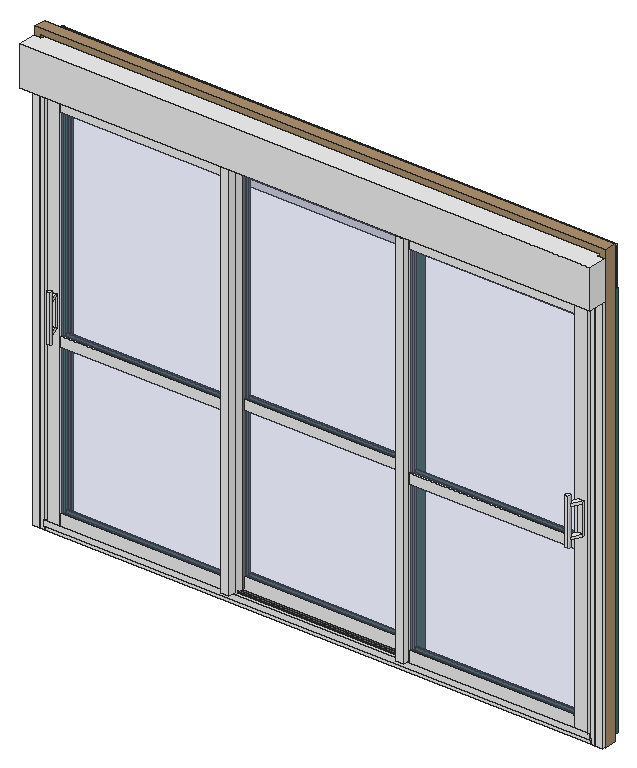
Revit family "K-LINE COULISSANT RENO-applique-KLBC2R-3V - Bloc Baie", category Fenêtres, Revit 2017
Family settings
  Hôte = Mur
  Numéro OmniClass = 23.30.20.00
  Titre OmniClass = Windows
  Toujours verticalement = Oui
  Couper avec des vides une fois chargée = Non
  Partagée = Non
  Point de calcul de pièce = Non
Parameters
  Youtube clip = ""
  Vitrage principal = ""
  Vitrage = Verre
  Visibilité des lames [instance] = yes
  Uniformat II Description = "Exterior Windows"
  Uniformat II Code = "B2020"
  Uniclass 2015 Name = "Doors and windows"
  Uniclass 2015 Code = "EF_25_30"
  Uniclass 2.0 Description = "Windows"
  Uniclass 2.0 Code = "PR-59-97"
  Uniclass 1.4 Description = "Windows"
  Uniclass 1.4 Code = "L413"
  URL = "https://pro.k-line.fr/baie-coulissante-2-rails.html"
  UNSPSC Code = "301716"
  Type porte fenêtre = Hauteur de fabrication > 1600.00 mm  # yes
  Type fenêtre = not(Type porte fenêtre)  # no
  Type de pose = "Pose en applique"
  Transmission thermique Uw = 1.4000 W/(m²·K)
  Transmission lumineuse TLw = "68%"
  Technical description = "http://www.pro.k-line.fr/baie-coulissante-2-rails.aspx"
  Symbole d'ouverture = yes
  Surface = Largeur * Hauteur  # 6.44315 m²
  SAV = "https://sav.k-line.fr/"
  QR code = "http://bimobject.com/k-line/product/KLBC2R-3VTX"
  Product url = "http://www.pro.k-line.fr/baie-coulissante-2-rails.aspx"
  Product group = "KL-BC2R"
  Product family = "Coulissants"
  Product data url = "https://www.bimobject.com/k-line/product/klbc2r-3vt-bbvr"
  Product certification = "http://www.pro.k-line.fr/baie-coulissante-2-rails-performances-certifications.aspx#produits"
  Product SKU = "KLBC2R-3VTX"
  Product Guid = "99e3d50a-99d2-419d-9c61-a74b00b3e5ee"
  Position traverse inter = Position du dessus de traverse - 64.00 mm  # 836.00 mm
  Position du dessus de traverse = 900.00 mm
  Position de l'ouvrant [instance] = if(Coulissant ouvert, Largeur de fabrication / 3 - 65.20 mm, 42.00 mm)  # 42.00 mm
  Outil de thermo-luminosité = "https://pro.k-line.fr/le-calculateur-de-performances-thermiques-thermo-luminositer.html"
  Origine France Garantie = "https://pro.k-line.fr/pdf/attestations/Attestation_definitive_OFG_K-LINE.pdf"
  Option habillage extérieur = yes
  Option appui sans aile intérieure = yes
  OmniClass Description = "Windows"
  OmniClass Code = "23-17 13 00"
  Occultation Thermobloc SPPF = yes
  Occultation Thermobloc Petit = yes
  Occultation Thermobloc Grand = not(Occultation Thermobloc Petit)  # no
  Occultation Classic BUBENDORFF = not(Occultation Thermobloc SPPF)  # no
  Occultation = if(Occultation Thermobloc SPPF, "Thermobloc SPPF", "Classic BUBENDORFF")  # "Thermobloc SPPF"
  Numéro de série = "K.........."
  Note d'identification = "08520"
  Nombre de traverses intermédiaires = 1.00 mm
  Neuf / Réno / Multi support = "Réno"
  NBS Reference Description = "Windows"
  NBS Reference Code = "59-97"
  Mortaise et grille d'entrée d'air = "Non"
  Modèle = "KL-BC2R-3V"
  Message Hors abaques [instance] = yes
  Matériaux = "Aluminium et verre"
  Masterformat 2014 Description = "Aluminum Windows"
  Masterformat 2014 Code = "08 51 13"
  Manufacturer name = "K.LINE"
  Manufacturer country = "France"
  Lg cadre = Largeur de fabrication - 8.60 mm  # 2791.40 mm
  Largeur ouvrant ext = (Largeur de fabrication - 199.00 mm) / 3 + 50.00 mm  # 917.00 mm
  Largeur ouvrant = (Largeur de fabrication - 199.00 mm) / 3 + 72.50 mm  # 939.50 mm
  Largeur de store = Largeur de fabrication - 30.20 mm  # 2769.80 mm
  Largeur de fabrication = Largeur - Joint en montants * 2  # 2800.00 mm
  Rough Width [instance] = Largeur  # 2870.00 mm
  Joint traverse basse = if(Option appui sans aile intérieure, 5.00 mm, Joint en traverses - 5.00 mm)  # 5.00 mm
  Joint en traverses = [Cadre existant - Largeur] + 10.00 mm  # 40.00 mm
  Joint en montants = [Cadre existant - Largeur] + 5.00 mm  # 35.00 mm
  Installation instructions = "https://pro.k-line.fr/notices-de-pose.html"
  IFC Classification = "Window"
  Ht coffre = if(Occultation Classic BUBENDORFF, 200.00 mm, (if(Occultation Thermobloc Grand, 225.00 mm, 195.00 mm)))  # 195.00 mm
  Hors abaques Porte Fenetre [instance] = or(or(1500.00 mm > Largeur de fabrication, Largeur de fabrication > 3000.00 mm), or(1601.00 mm > Hauteur de fabrication, Hauteur de fabrication > 2500.00 mm), and(Hauteur de fabrication > 2000.00 mm, Largeur de fabrication < 1600.00 mm), and(Hauteur de fabrication > 2100.00 mm, Largeur de fabrication < 1700.00 mm), and(Hauteur de fabrication > 2200.00 mm, Largeur de fabrication < 1800.00 mm), and(Hauteur de fabrication > 2350.00 mm, Largeur de fabrication > 3900.00 mm))  # no
  Hors abaques Fenetre [instance] = or(or(1200.00 mm > Largeur de fabrication, Largeur de fabrication > 3000.00 mm), or(500.00 mm > Hauteur de fabrication, Hauteur de fabrication > 1600.00 mm))  # yes
  Hors abaques [instance] = and(if(Type fenêtre, Hors abaques Fenetre, Hors abaques Porte Fenetre), Message Hors abaques)  # no
  Hauteur ouvrant = Hauteur dormant - 75.00 mm  # 1930.00 mm
  Hauteur dormant = Hauteur de fabrication - Ht coffre  # 2005.00 mm
  Hauteur de store = Hauteur dormant - 10.80 mm  # 1994.20 mm
  Hauteur de fabrication = Hauteur - Joint en traverses - Joint traverse basse  # 2200.00 mm
  Rough Height [instance] = Hauteur  # 2245.00 mm
  Hauteur = 2245.00 mm
  Hauteur de l'appui par défaut = 0.00 mm
  Garanties = "https://www.pro.k-line.fr/pdf/Attestations-Avis_technique/Responsabilite_fabricant/Garanties_Legales_KLINE.pdf"
  Fermeture du mur = Par hôte
  Largeur = 2870.00 mm
  Famille de produit = "COULISSANT"
  Facteur solaire ScW (Hiver) = 0.55
  Fabricant = "K.LINE"
  Entretien = "https://www.pro.k-line.fr/pdf/Fiches_Entretien/Entretien_Menuiserie.pdf"
  Entreprise de pose = ""
  EAN code = ""
  Décalage intérieur du nu fini [instance] = 35.00 mm
  Description = "Fenêtre et porte fenêtre coulissante alu 2 rails"
  Coulissant ouvert [instance] = no
  Couleur lames de volet = BUBENDORFF - 100 (RAL 9016)
  Couleur châssis Int = K.Line Intemporel Blanc satiné (9016 S) - KQ
  Couleur châssis Ext = K.Line Couleur Vert foncé (6005 T) - RS
  Couleur Accessoire Int = K.Line Accessoire Blanc - KQ
  Contraintes de Largeur = if(Type fenêtre, "1200 < Largeur < 3000", "1500 < Largeur < 3000")  # "1500 < Largeur < 3000"
  Contraintes de Hauteur = if(Type fenêtre, "500 < Hauteur < 1600", "1601 < Hauteur < 2400")  # "1601 < Hauteur < 2400"
  Construction analytique = "<Aucun>"
  Composition analytique de base = "Châssis 2350x2180 - Vitrage 4/WE Argon 20/TBE 4"
  Code d'assemblage = "B2020110"
  Classement AEV = "A*4 E*6B V*A3"
  Classe COV = "A+"
  Clair passage total = Largeur de fabrication / 3 - 116.00 mm  # 817.333 mm
  Cadre existant - Visibilité = yes
  Cadre existant - Profondeur = 60.00 mm
  Cadre existant - Largeur = 30.00 mm
  COBIe Type Category = ""
  Brand url = "http://www.k-line.fr/index.aspx"
  BIMobject main category code = "windows"
  BIMobject main category = "Windows"
  BIMobject category code = "windows-slide"
  BIMobject category = "Opening Slide"
  Avis technique = "https://pro.k-line.fr/attestations-avis-techniques.html"
  Aile de recouvrement intérieure 20, 38, 60 ou 76 = 38.00 mm
  Affaiblissement acoustique R(A,tr) = "30dB"
Reference planes
  plane 1 "Centre (avant/arrière)": y = 0
  plane 2 "Centre (gauche/droite)": x = 0
  plane 3 "Gauche": x = -1435
  plane 4 "Droite": x = 1435
  plane 5 "Appui": z = 0
  plane 6 "Tête": z = 2245
  plane 7 "Extérieur": y = 150
  plane 8 "Intérieur": y = -150
  plane 9: y = -185
  plane 10: x = 1358
  plane 11: y = -350
  plane 12: x = -1400
  plane 13: x = 1400
  plane 14: z = 5
  plane 15: z = 44
  plane 16: z = 2010
  plane 17: y = -168.25
  plane 18: x = -1358
Forms (mm)
  Extrusion 1, void
    sketch origin (0, 0, 0) x (1, 0, 0) y (0, 1, 0)
      loop
        line (-1435, 150) -> (-1435, -150) -> (1435, -150) -> (1435, 150) -> (-1435, 150)
    from 0 to 2245
Text (mm)
  text "EXTERIEUR" at (-1963.203, 1332.353, 0), in view "Niveau de réf."
  text "INTERIEUR" at (-1981.466, -818.386, 0), in view "Niveau de réf."
  text "Extérieur" at (0, 923.751, 2943.296), in view "Droite"
  text "Extérieur" at (0, 1040.484, 2685.409), in view "Gauche"
Dimensions and locks
  equal spacing: plane 3 "Gauche", plane 2 "Centre (gauche/droite)", plane 4 "Droite"
  "Largeur": plane 3 "Gauche" to plane 4 "Droite"
  "Hauteur": plane 5 "Appui" to plane 6 "Tête"
  "Hauteur de l'appui par défaut": plane 5 "Appui" to level
  locked: plane 7 "Extérieur" to host wall at 0
  locked: plane 8 "Intérieur" to host wall
  locked: plane 11 to plane 8 "Intérieur" at 200
  "Décalage intérieur du nu fini": plane 8 "Intérieur" to plane 9
  "Joint en montants": plane 3 "Gauche" to plane 12
  "Joint en montants": plane 4 "Droite" to plane 13
  "Joint traverse basse": plane 14 to plane 5 "Appui"
  locked: plane 15 to plane 14 at 39
  "Hauteur dormant": plane 16 to plane 14
  locked: plane 17 to plane 9 at 16.75
  locked: plane 12 to plane 18 at 42
  "Position de l'ouvrant": plane 10 to plane 13
  aligned and locked: Extrusion 1 sketch curve to host wall  (x2)
  aligned and locked: Extrusion 1 sketch curve to plane 3 "Gauche"
  aligned and locked: plane 4 "Droite" to Extrusion 1 sketch curve
  aligned and locked: Extrusion 1 to plane 6 "Tête"
  aligned and locked: plane 5 "Appui" to Extrusion 1
  aligned and locked: nested 1 to plane 2 "Centre (gauche/droite)"
  aligned and locked: nested 2 to plane 10
  aligned and locked: nested 3 to plane 2 "Centre (gauche/droite)"
  aligned and locked: nested 3 to plane 11
  aligned and locked: nested 1 to plane 9
  aligned and locked: nested 1 to nested 2
  aligned and locked: plane 16 to nested 1
  aligned and locked: nested 2 to plane 15
  aligned and locked: plane 2 "Centre (gauche/droite)" to nested 4
  aligned and locked: nested 4 to plane 16
  aligned and locked: plane 17 to nested 4
  aligned and locked: plane 18 to nested 5
  aligned and locked: nested 5 to nested 1
  aligned and locked: plane 15 to nested 5
  aligned and locked: plane 2 "Centre (gauche/droite)" to nested 6
  aligned and locked: nested 1 to nested 6
  aligned and locked: plane 15 to nested 6
Nested families
  nested 1: "Dormant KL-BC2R RENO applique occultation" at (0, -185, 5), type "Dormant KL-BC2R RENO applique occultation"
  nested 2: "Ouvrant KLBC" at (1358, -163.25, 44), type "Ouvrant KLBC"
    with Vantail Int yes, Vantail Ext no, Renfort PF yes, Position symbole 85.00 mm, Poignée PF yes, Poignée F no, Poignée CPI no, Position traverses 618.667 mm, Porte fenêtre yes, Nb traverses 1.00 mm, Lg vitrage 867.00 mm, Lg traverse 837.00 mm, Largeur 939.50 mm, Ht vitrage 1834.00 mm, Ht traverse 1 836.00 mm, Hauteur 1930.00 mm, Fenêtre no, 1 traverse yes
  nested 3: "Texte Hors abaques" at (0, -350, 0), visible <- "Hors abaques", type "Texte Hors abaques"
  nested 4: "Bloc Baie Reno applique" at (0, -48.25, 15.8) x (-1, 0, 0) z (0, 0, 1), Visibilité des lames <- "Visibilité des lames", type "Bloc Baie Reno applique"
    with Visibilité des lames yes, Thermo yes, Profondeur coffre 215.00 mm, Largeur 2769.80 mm, Hauteur coffre 195.00 mm, Hauteur 1994.20 mm, Grand T no, Décalage coffre 32.00 mm, Bloc classic no
  nested 5: "Ouvrant KLBC" at (-1358, -163.25, 44) x (-1, 0, 0) z (0, 0, 1), type "Ouvrant KLBC"
    with Vantail Int yes, Vantail Ext no, Renfort PF yes, Position symbole 85.00 mm, Poignée PF yes, Poignée F no, Poignée CPI no, Position traverses 618.667 mm, Porte fenêtre yes, Nb traverses 1.00 mm, Lg vitrage 867.00 mm, Lg traverse 837.00 mm, Largeur 939.50 mm, Ht vitrage 1834.00 mm, Ht traverse 1 836.00 mm, Hauteur 1930.00 mm, Fenêtre no, 1 traverse yes
  nested 6: "Ouvrant KLBC-3V" at (-458.5, -108.25, 44) x (-1, 0, 0) z (0, 0, 1), type "Ouvrant KLBC-3V"
    with Position traverses 618.667 mm, Nb traverses 1.00 mm, Lg vitrage 867.00 mm, Lg traverse 837.00 mm, Largeur 917.00 mm, Ht vitrage 1834.00 mm, Ht traverse 1 836.00 mm, Hauteur 1930.00 mm, 1 traverse yes
Definition of nested family "Dormant KL-BC2R RENO applique occultation"
  Parameters (values of type "Dormant KL-BC2R RENO applique occultation")
    Option appui sans aile intérieure = yes
    Width = 2791.40 mm
    Ht coffre = 195.00 mm
    Height = 2005.00 mm
    Couleur Int = none
    Couleur Ext = none
    Analytic Construction = "<Aucun>"
    Cadre existant - Visibilité = yes
    Cadre existant - Profondeur = 60.00 mm
    Cadre existant - Largeur = 30.00 mm
    Cadre et sans aile = and([Cadre existant - Visibilité], Aile 3 cotés)  # no
    Avec aile int = not(Option appui sans aile intérieure)  # no
    Aile de recouvrement intérieure 20, 38, 60 ou 76 = 38.00 mm
    Aile 3 cotés = not(Aile 2 cotés)  # no
    Aile 2 cotés = Option appui sans aile intérieure  # yes
  Reference planes
    plane 1 "Centre (avant/arrière)": y = 0
    plane 2: z = 0
    plane 3 "Centre (gauche/droite)": x = 0
    plane 4: x = -1395.7
    plane 5: x = 1395.7
    plane 6: y = 14.25
    plane 7: y = 84.25
    plane 8: x = 1361.9
    plane 9: x = 1348.9
    plane 10: y = 29.25
    plane 11: y = 69.25
    plane 12 "Axe clou Int": y = 21.75
    plane 13 "Axe coul Ext": y = 76.75
    plane 14: z = 2005
    plane 15: z = 20.8
    plane 16: z = 46.8
    plane 17: x = -1361.9
    plane 18: x = -1348.9
    plane 19: z = 33.8
    plane 20: x = 1372.9
    plane 21: x = 1384.9
    plane 22: x = -1384.9
    plane 23: x = -1372.9
    plane 24: y = 16.75
    plane 25: x = 1405
    plane 26: y = 76.75
    plane 27: x = 1435
    plane 28: x = -1405
    plane 29: x = -1435
    plane 30: z = -5
    plane 31: y = 94.25
    plane 32: x = 1433.7
    plane 33: z = -35
    plane 34: z = 2200
    plane 35: z = 2210
    plane 36: x = -1433.7
    plane 37: y = 136.75
  Forms (mm)
    Sweep 1, solid, material <- "Couleur Ext"
      path origin (0, 0, 0) x (1, 0, 0) y (0, 0, 1)
        loop
          line (1395.7, 0) -> (1395.7, 2005) -> (-1395.7, 2005) -> (-1395.7, 0) -> (1395.7, 0)
      profile origin (1395.7, 0, 1002.5) x (-1, 0, 0) y (0, -1, 0)
        loop
          line (20.8, -71.75) -> (20.8, -84.25) -> (46.8, -84.25) -> (46.8, -69.25) -> (0, -69.25) -> (0, -94.25) -> (10.8, -94.25) -> (10.8, -71.75) -> (20.8, -71.75)
    Sweep 2, solid, material <- "Couleur Int", visible <- "Aile 3 cotés"
      path origin (0, 0, 0) x (1, 0, 0) y (0, 0, 1)
        loop
          line (-1395.7, 2005) -> (-1395.7, 0) -> (1395.7, 0) -> (1395.7, 2005)
      profile origin (1395.7, 0, 1002.5) x (-1, 0, 0) y (0, -1, 0)
        loop
          line (0, 0) -> (-38, 0) -> (-38, -16.75) -> (0, -16.75) -> (0, 0)
    Sweep 3, solid
      path origin (0, 0, 0) x (1, 0, 0) y (0, 0, 1)
        loop
          line (1395.7, 0) -> (1395.7, 2005) -> (-1395.7, 2005) -> (-1395.7, 0)
      profile origin (1395.7, 0, 1002.5) x (-1, 0, 0) y (0, -1, 0)
        loop
          line (33.8, -69.25) -> (33.8, -29.25) -> (0, -29.25) -> (0, -69.25) -> (33.8, -69.25)
    Extrusion 4, solid
      sketch origin (0, 0, 0) x (0, 1, 0) y (0, 0, 1)
        loop
          line (29.25, 33.8) -> (29.25, 47.608) -> (21.767, 49.297) -> (14.25, 47.6) -> (14.25, 46.8) -> (28.285, 46.8) -> (28.285, 0) -> (70.285, 0) -> (70.285, 46.8) -> (84.25, 46.8) -> (84.25, 47.6) -> (76.767, 49.297) -> (69.25, 47.592) -> (69.25, 33.8) -> (29.25, 33.8)
      from -1348.9 to 1348.9
    Extrusion 5, solid, material <- "Couleur Int"
      sketch origin (0, 0, 0) x (0, 1, 0) y (0, 0, 1)
        loop
          line (0, 0) -> (28.285, 0) -> (28.285, 46.8) -> (14.25, 46.8) -> (14.25, 22.8) -> (-3, 22.8) -> (-3, 45.2) -> (-5, 45.2) -> (-5, 20.8) -> (0, 20.8) -> (0, 0)
      from -1372.9 to 1372.9
    Sweep 6, solid, visible <- "Cadre existant - Visibilité"
      path origin (0, 0, 0) x (-1, 0, 0) y (0, 0, 1)
        loop
          line (1395.7, -5) -> (1395.7, 2200) -> (-1395.7, 2200) -> (-1395.7, -5)
      profile origin (-1395.7, 0, 1097.5) x (-1, 0, 0) y (0, -1, 0)
        loop
          line (9.3, -76.75) -> (39.3, -76.75) -> (39.3, -16.75) -> (9.3, -16.75) -> (9.3, -76.75)
    Sweep 7, solid, material <- "Couleur Int"
      path origin (0, 0, 0) x (1, 0, 0) y (0, 0, 1)
        loop
          line (1395.7, 0) -> (1395.7, 2005) -> (-1395.7, 2005) -> (-1395.7, 0)
      profile origin (1395.7, 0, 1002.5) x (-1, 0, 0) y (0, -1, 0)
        loop
          line (22.8, -14.25) -> (22.8, 0) -> (0, 0) -> (0, -29.25) -> (46.8, -29.25) -> (46.8, -14.25) -> (22.8, -14.25)
    Extrusion 8, solid, visible <- "Cadre et sans aile"
      sketch origin (0, 0, 0) x (0, 1, 0) y (0, 0, 1)
        loop
          line (16.75, -5) -> (16.75, -35) -> (76.75, -35) -> (76.75, -5) -> (16.75, -5)
      from -1435 to 1435
    Extrusion 9, solid, material <- "Couleur Int", visible <- "Aile 2 cotés"
      sketch origin (0, 0, 0) x (1, 0, 0) y (0, 1, 0)
        loop
          line (1395.7, 0) -> (1433.7, 0) -> (1433.7, 16.75) -> (1395.7, 16.75) -> (1395.7, 0)
        loop
          line (-1395.7, 0) -> (-1395.7, 16.75) -> (-1433.7, 16.75) -> (-1433.7, 0) -> (-1395.7, 0)
      from 0 to 2005
    Extrusion 10, solid, material <- "Couleur Ext"
      sketch origin (0, 0, 0) x (1, 0, 0) y (0, 1, 0)
        loop
          line (1384.9, 94.25) -> (1395.7, 94.25) -> (1395.7, 121.75) -> (1400, 121.75) -> (1400, 136.75) -> (1384.9, 136.75) -> (1384.9, 94.25)
        loop
          line (-1384.9, 94.25) -> (-1384.9, 136.75) -> (-1400, 136.75) -> (-1400, 121.75) -> (-1395.7, 121.75) -> (-1395.7, 94.25) -> (-1384.9, 94.25)
      from 0 to 2005
  Cuts and joins
    joined: Sweep 1, Extrusion 10
  Dimensions and locks
    equal spacing: plane 4, plane 3 "Centre (gauche/droite)", plane 5
    "Width": plane 4 to plane 5
    locked: plane 9 to plane 8 at 13
    locked: plane 6 to plane 10 at 15
    locked: plane 7 to plane 11 at 15
    locked: plane 13 "Axe coul Ext" to plane 7 at 7.5
    locked: plane 6 to plane 12 "Axe clou Int" at 7.5
    "Height": plane 14 to plane 2
    locked: plane 15 to plane 2 at 20.8
    locked: plane 16 to plane 2 at 46.8
    locked: plane 17 to plane 4 at 33.8
    locked: plane 18 to plane 17 at 13
    locked: plane 19 to plane 2 at 33.8
    locked: plane 10 to plane 11 at 40
    locked: plane 1 "Centre (avant/arrière)" to plane 6 at 14.25
    locked: plane 8 to plane 5 at 33.8
    locked: plane 9 to plane 20 at 24
    locked: plane 21 to plane 5 at 10.8
    locked: plane 22 to plane 4 at 10.8
    locked: plane 18 to plane 23 at 24
    locked: plane 1 "Centre (avant/arrière)" to plane 24 at 16.75
    locked: plane 25 to plane 5 at 9.3
    "Cadre existant - Profondeur": plane 26 to plane 24
    "Cadre existant - Largeur": plane 25 to plane 27
    "Cadre existant - Largeur": plane 28 to plane 29
    locked: plane 7 to plane 31 at 10
    "Aile de recouvrement intérieure 20, 38, 60 ou 76": plane 5 to plane 32
    "Cadre existant - Largeur": plane 33 to plane 30
    locked: plane 28 to plane 4 at 9.3
    locked: plane 35 to plane 34 at 10
    "Aile de recouvrement intérieure 20, 38, 60 ou 76": plane 4 to plane 36
    locked: plane 31 to plane 37 at 42.5
    "Ht coffre": plane 34 to plane 14
    aligned and locked: level to plane 2
    aligned and locked: Sweep 1 sketch curve to plane 14
    aligned and locked: plane 11 to Extrusion 4 sketch curve
    aligned and locked: plane 7 to Extrusion 4 sketch curve
    aligned and locked: Extrusion 4 sketch curve to plane 16  (x2)
    aligned and locked: plane 10 to Extrusion 4 sketch curve
    aligned and locked: Extrusion 4 sketch curve to plane 6
    aligned and locked: Extrusion 4 to plane 18
    aligned and locked: Extrusion 4 to plane 9
    aligned and locked: Extrusion 4 sketch curve to plane 19
    aligned and locked: plane 15 to Extrusion 5 sketch curve
    aligned and locked: Extrusion 5 sketch curve to plane 6
    aligned and locked: Sweep 2 sketch curve to plane 5
    aligned and locked: plane 1 "Centre (avant/arrière)" to Sweep 2 sketch curve
    aligned and locked: Sweep 3 sketch curve to plane 10
    aligned and locked: plane 11 to Sweep 3 sketch curve
    aligned and locked: plane 5 to Sweep 3 sketch curve
    aligned and locked: plane 8 to Sweep 3 sketch curve
    aligned and locked: plane 11 to Sweep 1 sketch curve
    aligned and locked: Sweep 1 sketch curve to plane 5
    aligned and locked: plane 9 to Sweep 1 sketch curve
    aligned and locked: nested 2 to plane 1 "Centre (avant/arrière)"
    aligned and locked: plane 14 to nested 2
    aligned and locked: plane 2 to nested 1
    aligned and locked: plane 1 "Centre (avant/arrière)" to nested 1
    aligned and locked: plane 2 to Sweep 3 sketch curve  (x2)
    aligned and locked: plane 2 to Sweep 1 sketch curve  (x2)
    aligned and locked: plane 2 to Extrusion 4 sketch curve
    aligned and locked: plane 1 "Centre (avant/arrière)" to Extrusion 5 sketch curve
    aligned and locked: Extrusion 5 sketch curve to plane 2
    aligned and locked: Extrusion 5 to plane 23
    aligned and locked: Extrusion 5 to plane 20
    aligned and locked: nested 3 to plane 24
    aligned and locked: plane 25 to nested 3
    aligned and locked: Sweep 6 sketch curve to plane 28
    aligned and locked: Sweep 6 sketch curve to plane 29
    aligned and locked: nested 4 to plane 28
    aligned and locked: plane 24 to nested 4
    aligned and locked: nested 5 to plane 24
    aligned and locked: plane 30 to nested 6
    aligned and locked: Sweep 1 sketch curve to plane 31
    aligned and locked: Sweep 1 sketch curve to plane 7
    aligned and locked: Sweep 2 sketch curve to plane 24
    aligned and locked: Sweep 2 sketch curve to plane 32
    aligned and locked: plane 30 to Extrusion 8 sketch curve
    aligned and locked: plane 24 to Extrusion 8 sketch curve
    aligned and locked: plane 33 to Extrusion 8 sketch curve
    aligned and locked: Extrusion 8 sketch curve to plane 26
    aligned and locked: Extrusion 8 to plane 29
    aligned and locked: Extrusion 8 to plane 27
    aligned and locked: plane 30 to Sweep 6 sketch curve  (x2)
    aligned and locked: plane 26 to Sweep 6 sketch curve
    aligned and locked: plane 1 "Centre (avant/arrière)" to nested 7
    aligned and locked: nested 7 to plane 5
    aligned and locked: nested 8 to plane 1 "Centre (avant/arrière)"
    aligned and locked: plane 4 to nested 8
    aligned and locked: plane 34 to Sweep 6 sketch curve
    aligned and locked: nested 5 to plane 35
    aligned and locked: plane 5 to Extrusion 9 sketch curve
    aligned and locked: plane 32 to Extrusion 9 sketch curve
    aligned and locked: plane 1 "Centre (avant/arrière)" to Extrusion 9 sketch curve
    aligned and locked: Extrusion 9 sketch curve to plane 24  (x2)
    aligned and locked: Extrusion 9 sketch curve to plane 4
    aligned and locked: Extrusion 9 sketch curve to plane 1 "Centre (avant/arrière)"
    aligned and locked: Extrusion 9 sketch curve to plane 36
    aligned and locked: Extrusion 9 to plane 2
    aligned and locked: plane 14 to Extrusion 9
    aligned and locked: Extrusion 10 sketch curve to plane 21
    aligned and locked: plane 5 to Extrusion 10 sketch curve
    aligned and locked: plane 31 to Extrusion 10 sketch curve  (x2)
    aligned and locked: Extrusion 10 sketch curve to plane 37
    aligned and locked: plane 37 to Extrusion 10 sketch curve
    aligned and locked: Extrusion 10 sketch curve to plane 22
    aligned and locked: plane 4 to Extrusion 10 sketch curve
    aligned and locked: plane 14 to Extrusion 10
    aligned and locked: Extrusion 10 to plane 2
  Automatic sketch dimensions
    Extrusion 4 sketch curve to plane 12 "Axe clou Int" = 0.017 mm
    plane 10 to Extrusion 4 sketch curve = 0.965 mm
    plane 11 to Extrusion 4 sketch curve = 1.035 mm
    plane 13 "Axe coul Ext" to Extrusion 4 sketch curve = 0.017 mm
    plane 16 to Extrusion 4 sketch curve = 0.792 mm
    Extrusion 4 sketch curve to Extrusion 4 sketch curve = 0.80 mm  (x2)
    plane 16 to Extrusion 4 sketch curve = 0.808 mm
    plane 16 to Extrusion 4 sketch curve = 2.497 mm  (x2)
    Extrusion 5 sketch curve to plane 16 = 0.00 mm
    plane 1 "Centre (avant/arrière)" to Extrusion 5 sketch curve = 3.00 mm
    Extrusion 5 sketch curve to Extrusion 5 sketch curve = 2.00 mm
    plane 10 to Extrusion 5 sketch curve = 0.965 mm
    plane 15 to Extrusion 5 sketch curve = 2.00 mm
    Extrusion 5 sketch curve to plane 16 = 1.60 mm
    Sweep 1 sketch curve to plane 4 = 0.00 mm
    plane 5 to Sweep 1 sketch curve = 0.00 mm
    Sweep 2 sketch curve to level = 0.00 mm
    Sweep 2 sketch curve to plane 4 = 0.00 mm
    Sweep 2 sketch curve to plane 14 = 0.00 mm  (x2)
    Sweep 3 sketch curve to plane 4 = 0.00 mm
    plane 5 to Sweep 3 sketch curve = 0.00 mm
    Sweep 3 sketch curve to plane 14 = 0.00 mm
    Sweep 1 sketch curve to profile plane = 10.80 mm
    Sweep 1 sketch curve to Sweep 1 sketch curve = 10.00 mm
    Sweep 1 sketch curve to Sweep 1 sketch curve = 12.50 mm
    Sweep 7 sketch curve to level = 0.00 mm  (x2)
    Sweep 7 sketch curve to plane 4 = 0.00 mm
    plane 5 to Sweep 7 sketch curve = 0.00 mm
    Sweep 7 sketch curve to plane 14 = 0.00 mm
    plane 1 "Centre (avant/arrière)" to Sweep 7 sketch curve = 0.00 mm
    Sweep 7 sketch curve to profile plane = 0.00 mm
    Sweep 7 sketch curve to profile plane = 22.80 mm
    Sweep 7 sketch curve to Sweep 7 sketch curve = 24.00 mm
    Sweep 7 sketch curve to plane 1 "Centre (avant/arrière)" = 14.25 mm
    Sweep 7 sketch curve to Sweep 7 sketch curve = 15.00 mm
    plane 5 to Sweep 6 sketch curve = 0.00 mm
    Sweep 6 sketch curve to plane 4 = 0.00 mm
    Sweep 6 sketch curve to plane 1 "Centre (avant/arrière)" = 16.75 mm
    plane 5 to Sweep 2 sketch curve = 0.00 mm
    Extrusion 10 sketch curve to plane 4 = 4.30 mm
    Extrusion 10 sketch curve to plane 5 = 4.30 mm
    Extrusion 10 sketch curve to Extrusion 10 sketch curve = 15.00 mm  (x2)
  Nested families
    nested 1: "Détail 2D - Traverse dormant BC2R RENO Applique occultation" at (0, 0, 0) x (0, -1, 0) z (1, 0, 0), Avec Aile <- "Avec aile int", type "Détail 2D - Traverse dormant BC2R RENO Applique occultation"
      with Traverse basse yes, Montants no, Joint yes, Avec Aile no, A 13.00 mm, Aile 38.00 mm
    nested 2: "Détail 2D - Traverse dormant BC2R RENO Applique occultation" at (0, 0, 2005) x (0, -1, 0) z (1, 0, 0), type "Détail 2D - Traverse dormant BC2R RENO Applique occultation"
      with Traverse basse no, Montants yes, Joint yes, Avec Aile no, A 23.00 mm, Aile 38.00 mm
    nested 3: "Détail 2D cadre bois" at (1405, 16.75, 0), visible <- "Cadre existant - Visibilité", type "Détail 2D cadre bois"
      with P 60.00 mm
    nested 4: "Détail 2D cadre bois" at (-1405, 16.75, 0) x (-1, 0, 0) z (0, 0, 1), visible <- "Cadre existant - Visibilité", type "Détail 2D cadre bois"
      with P 60.00 mm
    nested 5: "Détail 2D cadre bois" at (0, 16.75, 2240) x (0, 0, -1) z (1, 0, 0), visible <- "Cadre existant - Visibilité", type "Détail 2D cadre bois"
      with P 60.00 mm
    nested 6: "Détail 2D cadre bois" at (0, 16.75, -35) x (0, 0, 1) z (1, 0, 0), visible <- "Cadre et sans aile", type "Détail 2D cadre bois"
      with P 60.00 mm
    nested 7: "Détail 2D - Montant dormant BC2R RENO Applique occultation" at (1400, 0, 0) x (0, -1, 0) z (0, 0, 1), type "Détail 2D - Montant dormant BC2R RENO Applique occultation"
      with A 13.00 mm, Aile 38.00 mm
    nested 8: "Détail 2D - Montant dormant BC2R RENO Applique occultation" at (-1400, 0, 0) x (0, -1, 0) z (0, 0, 1), type "Détail 2D - Montant dormant BC2R RENO Applique occultation"
      with A 13.00 mm, Aile 38.00 mm
  Definition of nested family "Détail 2D - Traverse dormant BC2R RENO Applique occultation"
    Parameters
      Traverse basse [instance] = yes
      Montants [instance] = not(Traverse basse)  # no
      Joint [instance] = yes
      Avec Aile [instance] = yes
      Aile = 100.00 mm
      A [instance] = 13.00 mm
    Reference planes
      plane 1 "Centre (avant/arrière)": y = 0
      plane 2: z = 0
      plane 3 "Centre (gauche/droite)": x = 0
      plane 4: y = -46.8
      plane 5: x = -84.25
      plane 6: y = -33.8
      plane 7: y = -22.8
      plane 8: x = -69.25
      plane 9: x = -14.25
      plane 10: x = -29.25
      plane 11: x = -94.25
      plane 12: y = 100
      plane 13: x = -16.75
    Lines and regions (mm)
      Filled region 1, type "Uni - Gris", in view "Niveau de réf.", visible <- "Montants", detail levels medium+fine
        outline origin (0, 0, 0) x (1, 0, 0) y (0, 1, 0)
          loop
            line (-29.25, -46.8) -> (-14.25, -46.8) -> (-14.25, -22.8) -> (0, -22.8) -> (0, 0) -> (-94.25, 0) -> (-94.25, -10.8) -> (-71.75, -10.8) -> (-71.75, -20.8) -> (-84.25, -20.8) -> (-84.25, -46.8) -> (-69.25, -46.8) -> (-69.25, -33.8) -> (-29.25, -33.8) -> (-29.25, -46.8)
      Filled region 2, type "Uni - Blanc", in view "Niveau de réf.", detail levels coarse
        outline origin (0, 0, 0) x (1, 0, 0) y (0, 1, 0)
          loop
            line (-84.25, 0) -> (-84.25, -46.8) -> (0, -46.8) -> (0, 0) -> (-84.25, 0)
      Filled region 3, type "Uni - Gris", in view "Niveau de réf.", visible <- "Traverse basse", detail levels medium+fine
        outline origin (0, 0, 0) x (1, 0, 0) y (0, 1, 0)
          loop
            line (-84.25, -47.293) -> (-76.75, -48.99) -> (-69.25, -47.293) -> (-69.25, -33.8) -> (-29.25, -33.8) -> (-29.25, -47.293) -> (-21.75, -48.99) -> (-14.25, -47.293) -> (-14.25, -45.993) -> (-14.25, -22.8) -> (3, -22.8) -> (3, -45.2) -> (5, -45.2) -> (5, -20.8) -> (0, -20.8) -> (0, 0) -> (-94.25, 0) -> (-94.25, -10.789) -> (-71.75, -10.789) -> (-71.75, -20.789) -> (-84.25, -20.789) -> (-84.25, -47.293)
      Filled region 4, type "Uni - Gris", in view "Niveau de réf.", visible <- "Avec Aile", detail levels medium+fine
        outline origin (0, 0, 0) x (1, 0, 0) y (0, 1, 0)
          loop
            line (-16.75, 100) -> (-16.75, 0) -> (0, 0) -> (0, 100) -> (-16.75, 100)
    Dimensions and locks
      locked: plane 5 to plane 3 "Centre (gauche/droite)" at 84.25
      "A": plane 6 to plane 4
      plane 7 to plane 1 "Centre (avant/arrière)" = 22.80 mm
      locked: plane 7 to plane 4 at 24
      locked: plane 3 "Centre (gauche/droite)" to plane 9 at 14.25
      locked: plane 5 to plane 8 at 15
      locked: plane 10 to plane 9 at 15
      locked: Filled region 3 sketch curve to Filled region 3 sketch curve at 24.4
      locked: Filled region 3 sketch curve to Filled region 3 sketch curve at 2
      locked: plane 11 to plane 5 at 10
      "Aile": plane 12 to plane 1 "Centre (avant/arrière)"
      locked: plane 13 to plane 3 "Centre (gauche/droite)" at 16.75
      aligned and locked: plane 5 to Filled region 2 sketch curve
      aligned and locked: plane 4 to Filled region 2 sketch curve
      aligned and locked: Filled region 2 to plane 1 "Centre (avant/arrière)"
      aligned and locked: Filled region 1 to plane 7
      aligned and locked: plane 4 to Filled region 1 sketch curve
      aligned and locked: Filled region 1 sketch curve to plane 4
      aligned and locked: Filled region 1 sketch curve to plane 5
      aligned and locked: plane 7 to Filled region 1 sketch curve
      aligned and locked: plane 1 "Centre (avant/arrière)" to Filled region 1 sketch curve
      aligned and locked: Filled region 1 sketch curve to plane 3 "Centre (gauche/droite)"
      aligned and locked: plane 9 to Filled region 1 sketch curve
      aligned and locked: Filled region 1 sketch curve to plane 10
      aligned and locked: plane 8 to Filled region 1 sketch curve
      aligned and locked: plane 6 to Filled region 3 sketch curve
      aligned and locked: plane 7 to Filled region 3 sketch curve
      aligned and locked: plane 5 to Filled region 3 sketch curve
      aligned and locked: Filled region 3 sketch curve to plane 8
      aligned and locked: Filled region 3 sketch curve to plane 10
      aligned and locked: plane 9 to Filled region 3 sketch curve
      aligned and locked: Filled region 3 sketch curve to plane 3 "Centre (gauche/droite)"
      aligned and locked: plane 3 "Centre (gauche/droite)" to Filled region 2
      aligned and locked: plane 11 to Filled region 3 sketch curve
      aligned and locked: Filled region 1 sketch curve to plane 11
      aligned and locked: Filled region 4 sketch curve to plane 12
      aligned and locked: plane 13 to Filled region 4 sketch curve
      aligned and locked: Filled region 4 sketch curve to plane 3 "Centre (gauche/droite)"
      aligned and locked: Filled region 4 sketch curve to plane 1 "Centre (avant/arrière)"
    Automatic sketch dimensions
      Filled region 2 sketch curve to plane 1 "Centre (avant/arrière)" = 0.00 mm
      plane 3 "Centre (gauche/droite)" to Filled region 2 sketch curve = 0.00 mm
      Filled region 1 sketch curve to plane 6 = 0.00 mm
      Filled region 1 sketch curve to plane 8 = 2.50 mm
      plane 7 to Filled region 1 sketch curve = 2.00 mm
      Filled region 1 sketch curve to Filled region 1 sketch curve = 10.00 mm
      Filled region 3 sketch curve to plane 8 = 2.50 mm
      plane 1 "Centre (avant/arrière)" to Filled region 3 sketch curve = 10.789 mm
      plane 7 to Filled region 3 sketch curve = 2.011 mm
      Filled region 3 sketch curve to plane 4 = 2.19 mm  (x2)
      Filled region 3 sketch curve to plane 8 = 7.50 mm
      plane 9 to Filled region 3 sketch curve = 7.50 mm
      plane 3 "Centre (gauche/droite)" to Filled region 3 sketch curve = 3.00 mm
      Filled region 3 sketch curve to Filled region 3 sketch curve = 2.00 mm
      Filled region 3 sketch curve to plane 4 = 0.493 mm  (x4)
      plane 4 to Filled region 3 sketch curve = 0.807 mm
      plane 1 "Centre (avant/arrière)" to Filled region 3 sketch curve = 0.00 mm
  Definition of nested family "Détail 2D cadre bois"
    Parameters
      P = 100.00 mm
      L = 30.00 mm
    Reference planes
      plane 1 "Centre (avant/arrière)": y = 0
      plane 2: z = 0
      plane 3 "Centre (gauche/droite)": x = 0
      plane 4: y = 100
      plane 5: x = 30
    Lines and regions (mm)
      Filled region 1, type "Bois - Finition", in view "Niveau de réf."
        outline origin (0, 0, 0) x (1, 0, 0) y (0, 1, 0)
          loop
            line (0, 100) -> (0, 0) -> (30, 0) -> (30, 100) -> (0, 100)
    Dimensions and locks
      "L": plane 5 to plane 3 "Centre (gauche/droite)"
      "P": plane 4 to plane 1 "Centre (avant/arrière)"
      aligned and locked: Filled region 1 sketch curve to plane 4
      aligned and locked: plane 3 "Centre (gauche/droite)" to Filled region 1 sketch curve
      aligned and locked: Filled region 1 sketch curve to plane 1 "Centre (avant/arrière)"
      aligned and locked: Filled region 1 sketch curve to plane 5
  Definition of nested family "Détail 2D - Montant dormant BC2R RENO Applique occultation"
    Parameters
      Aile = 45.00 mm
      A [instance] = 13.00 mm
    Reference planes
      plane 1 "Centre (avant/arrière)": y = 0
      plane 2: z = 0
      plane 3 "Centre (gauche/droite)": x = 0
      plane 4: y = -51.1
      plane 5: x = -84.25
      plane 6: y = -38.1
      plane 7: y = -27.1
      plane 8: x = -69.25
      plane 9: x = -14.25
      plane 10: x = -29.25
      plane 11: x = -136.75
      plane 12: y = -4.3
      plane 13: x = -16.75
      plane 14: y = 40.7
    Lines and regions (mm)
      Filled region 1, type "Uni - Gris", in view "Niveau de réf.", detail levels medium+fine
        outline origin (0, 0, 0) x (1, 0, 0) y (0, 1, 0)
          loop
            line (-29.25, -51.1) -> (-14.25, -51.1) -> (-14.25, -27.1) -> (0, -27.1) -> (0, 40.7) -> (-16.75, 40.7) -> (-16.75, -4.3) -> (-121.75, -4.3) -> (-121.75, 0) -> (-136.75, 0) -> (-136.75, -15.1) -> (-71.75, -15.1) -> (-71.75, -25.1) -> (-84.25, -25.1) -> (-84.25, -51.1) -> (-69.25, -51.1) -> (-69.25, -38.1) -> (-29.25, -38.1) -> (-29.25, -51.1)
      Filled region 2, type "Uni - Blanc", in view "Niveau de réf.", detail levels coarse
        outline origin (0, 0, 0) x (1, 0, 0) y (0, 1, 0)
          loop
            line (-136.75, 0) -> (-136.75, -15.1) -> (-84.25, -15.1) -> (-84.25, -51.1) -> (0, -51.1) -> (0, 0) -> (-136.75, 0)
    Dimensions and locks
      locked: plane 5 to plane 3 "Centre (gauche/droite)" at 84.25
      "A": plane 6 to plane 4
      locked: plane 7 to plane 1 "Centre (avant/arrière)" at 27.1
      locked: plane 7 to plane 4 at 24
      locked: plane 3 "Centre (gauche/droite)" to plane 9 at 14.25
      locked: plane 5 to plane 8 at 15
      locked: plane 10 to plane 9 at 15
      locked: plane 11 to plane 5 at 52.5
      locked: plane 1 "Centre (avant/arrière)" to plane 12 at 4.3
      locked: Filled region 1 sketch curve to plane 4 at 26
      locked: Filled region 1 sketch curve to Filled region 1 sketch curve at 10
      locked: plane 13 to plane 3 "Centre (gauche/droite)" at 16.75
      "Aile": plane 14 to plane 12
      aligned and locked: plane 5 to Filled region 2 sketch curve
      aligned and locked: plane 4 to Filled region 2 sketch curve
      aligned and locked: Filled region 2 to plane 1 "Centre (avant/arrière)"
      aligned and locked: Filled region 1 to plane 7
      aligned and locked: plane 4 to Filled region 1 sketch curve
      aligned and locked: Filled region 1 sketch curve to plane 4
      aligned and locked: Filled region 1 sketch curve to plane 5
      aligned and locked: plane 7 to Filled region 1 sketch curve
      aligned and locked: Filled region 1 sketch curve to plane 3 "Centre (gauche/droite)"
      aligned and locked: plane 9 to Filled region 1 sketch curve
      aligned and locked: Filled region 1 sketch curve to plane 10
      aligned and locked: plane 8 to Filled region 1 sketch curve
      aligned and locked: plane 3 "Centre (gauche/droite)" to Filled region 2
      aligned and locked: Filled region 1 sketch curve to plane 12
      aligned and locked: Filled region 1 sketch curve to plane 6
      aligned and locked: Filled region 1 sketch curve to plane 11
      aligned and locked: Filled region 2 sketch curve to plane 11
      aligned and locked: Filled region 1 sketch curve to plane 14
      aligned and locked: plane 13 to Filled region 1 sketch curve
      aligned and locked: import instance to plane 12
      aligned and locked: plane 8 to import instance
    Automatic sketch dimensions
      Filled region 2 sketch curve to plane 3 "Centre (gauche/droite)" = 0.00 mm
      plane 1 "Centre (avant/arrière)" to Filled region 2 sketch curve = 0.00 mm
      Filled region 2 sketch curve to plane 12 = 10.80 mm
      plane 1 "Centre (avant/arrière)" to Filled region 1 sketch curve = 0.00 mm
      Filled region 1 sketch curve to Filled region 1 sketch curve = 15.00 mm
      Filled region 1 sketch curve to plane 8 = 2.50 mm
Definition of nested family "Ouvrant KLBC"
  Parameters (values of type "Ouvrant KLBC")
    Vitrage = none
    Visibilité ouverture = yes
    Vantail Int [instance] = not(Vantail Ext)  # no
    Vantail Ext [instance] = yes
    Renfort PF [instance] = and(Vantail Int, Porte fenêtre)  # no
    Profondeur renfort = if(Mt renforcé, 53.75 mm, 32.00 mm)  # 32.00 mm
    Position traverses = if([3 traverses], (Height - 274.00 mm) / 4 + 50.00 mm, (Height - 224.00 mm) / 3 + 50.00 mm)  # 456.333 mm
    Position symbole [instance] = if(Vantail Int, 85.00 mm, 120.00 mm)  # 120.00 mm
    Porte fenêtre = no
    Poignée PF [instance] = and(Porte fenêtre, not(Poignée CPI))  # no
    Poignée F [instance] = and(Fenêtre, not(Poignée CPI))  # yes
    Poignée CPI [instance] = and(Vantail Int, CPI)  # no
    Nb traverses = 0.00 mm
    Mt renforcé = no
    Lg vitrage = Width - 72.50 mm  # 1143.50 mm
    Lg traverse = Width - 102.50 mm  # 1113.50 mm
    Width = 1216.00 mm
    Ht vitrage = Height - 96.00 mm  # 1347.00 mm
    Ht traverse 1 = 431.00 mm
    Height = 1443.00 mm
    Fenêtre = yes
    Couleur châssis Int = none
    Couleur châssis Ext = none
    Couleur Accessoire Int = none
    Analytic Construction = "<Aucun>"
    CPI = no
    3 traverses = Nb traverses = 3.00 mm  # no
    2 traverses = or(Nb traverses = 2.00 mm, Nb traverses = 3.00 mm)  # no
    1 traverse = Nb traverses = 1.00 mm  # no
  Reference planes
    plane 1 "Centre (avant/arrière)": y = 0
    plane 2: z = 0
    plane 3 "Centre (gauche/droite)": x = 0
    plane 4: x = -1216
    plane 5: y = 21.75
    plane 6 "Nu ext": y = -21.75
    plane 7: x = -62.5
    plane 8: x = -47.5
    plane 9: x = -13
    plane 10: x = -1176
    plane 11: x = -1191
    plane 12: x = -1196
    plane 13: y = -14
    plane 14: y = 14
    plane 15: y = -8
    plane 16: y = 8
    plane 17: x = -1213
    plane 18: y = 28.25
    plane 19: z = 1443
    plane 20: z = 721.5
    plane 21: z = 62
    plane 22: z = 48
    plane 23: z = 13
    plane 24: y = -20
    plane 25: y = 20
    plane 26: z = 1381
    plane 27: z = 1395
    plane 28: z = 1430
    plane 29: x = -31.5
    plane 30: x = -619.25
    plane 31: y = -28.25
    plane 32: y = 53.75
    plane 33: z = 493.333
    plane 34: z = 949.667
    plane 35: z = 1406
    plane 36: z = 1862.333
    plane 37: z = 37
    plane 38: z = 431
    plane 39: y = 120
    plane 40: z = 1253
    plane 41: y = 46.75
  Forms (mm)
    Extrusion 1, solid, material <- "Couleur châssis Int"
      sketch origin (0, 0, 0) x (1, 0, 0) y (0, 1, 0)
        loop
          line (-62.5, 21.75) -> (-62.5, 14) -> (-47.5, 14) -> (-47.5, 0) -> (-13, 0) -> (-13, 8) -> (0, 8) -> (0, 21.75) -> (-62.5, 21.75)
      from 0 to 1443
    Extrusion 2, solid, material <- "Couleur châssis Ext"
      sketch origin (0, 0, 0) x (1, 0, 0) y (0, 1, 0)
        loop
          line (-62.5, -21.75) -> (0, -21.75) -> (0, -8) -> (-13, -8) -> (-13, 0) -> (-47.5, 0) -> (-47.5, -14) -> (-62.5, -14) -> (-62.5, -21.75)
      from 0 to 1443
    Extrusion 3, solid, visible <- "Vantail Ext"
      sketch origin (0, 0, 0) x (1, 0, 0) y (0, 1, 0)
        loop
          line (-1213, 28.25) -> (-1213, -14) -> (-1191, -14) -> (-1191, 14) -> (-1176, 14) -> (-1176, 21.75) -> (-1196, 21.75) -> (-1196, 28.25) -> (-1213, 28.25)
      from 0 to 1443
    Extrusion 4, solid, material <- "Couleur châssis Ext", visible <- "Vantail Ext"
      sketch origin (0, 0, 0) x (1, 0, 0) y (0, 1, 0)
        loop
          line (-1216, 28.25) -> (-1216, -21.75) -> (-1176, -21.75) -> (-1176, -14) -> (-1213, -14) -> (-1213, 28.25) -> (-1216, 28.25)
      from 0 to 1443
    Extrusion 5, solid, material <- "Couleur châssis Ext"
      sketch origin (0, 0, 0) x (0, 1, 0) y (0, 0, 1)
        loop
          line (-20, 62) -> (-20, 0) -> (-8, 0) -> (-8, 13) -> (0, 13) -> (0, 48) -> (-14, 48) -> (-14, 62) -> (-20, 62)
        loop
          line (-20, 1381) -> (-14, 1381) -> (-14, 1395) -> (0, 1395) -> (0, 1430) -> (-8, 1430) -> (-8, 1443) -> (-20, 1443) -> (-20, 1381)
      from -62.5 to -1176
    Extrusion 6, void
      sketch origin (0, 0, 0) x (0, 1, 0) y (0, 0, 1)
        loop
          line (-8, 13) -> (-8, 0) -> (8, 0) -> (8, 13) -> (-8, 13)
        loop
          line (-8, 1430) -> (8, 1430) -> (8, 1443) -> (-8, 1443) -> (-8, 1430)
      from 0 to -1216
    Extrusion 7, solid, material <- "Couleur châssis Int"
      sketch origin (0, 1.25, 0.625) x (0, -1, 0) y (0, 0, -1)
        loop
          line (-18.75, -61.375) -> (-12.75, -61.375) -> (-12.75, -47.375) -> (1.25, -47.375) -> (1.25, -12.375) -> (-6.75, -12.375) -> (-6.75, 0.625) -> (-18.75, 0.625) -> (-18.75, -61.375)
        loop
          line (-18.75, -1380.375) -> (-18.75, -1442.375) -> (-6.75, -1442.375) -> (-6.75, -1429.375) -> (1.25, -1429.375) -> (1.25, -1394.375) -> (-12.75, -1394.375) -> (-12.75, -1380.375) -> (-18.75, -1380.375)
      from -62.5 to -1176
    Extrusion 8, solid, material <- "Couleur châssis Int", visible <- "Vantail Int"
      sketch origin (0, 0, 0) x (1, 0, 0) y (0, 1, 0)
        loop
          line (-1216, -28.25) -> (-1213, -28.25) -> (-1213, 14) -> (-1176, 14) -> (-1176, 21.75) -> (-1216, 21.75) -> (-1216, -28.25)
      from 0 to 1443
    Extrusion 9, solid, visible <- "Vantail Int"
      sketch origin (0, 0, 0) x (1, 0, 0) y (0, 1, 0)
        loop
          line (-1213, -28.25) -> (-1196, -28.25) -> (-1196, -21.75) -> (-1176, -21.75) -> (-1176, -14) -> (-1191, -14) -> (-1191, 14) -> (-1213, 14) -> (-1213, -28.25)
      from 0 to 1443
    Extrusion 10, solid, material <- "Couleur châssis Int", visible <- "Renfort PF"
      sketch origin (0, 0, 0) x (1, 0, 0) y (0, 1, 0)
        loop
          line (-1216, 53.75) -> (-1216, 21.75) -> (-1176, 21.75) -> (-1176, 53.75) -> (-1216, 53.75)
      from 13 to 1443
    Extrusion 11, solid, material <- "Couleur Accessoire Int", visible <- "Poignée CPI"
      sketch origin (0, -21.75, 0) x (-1, 0, 0) y (0, 0, -1)
        loop
          line (13, -1443) -> (47.5, -1443) -> (47.5, -1257)
          arc (47.5, -1257) -> (46.328, -1254.172) -> (43.5, -1253) r 4
          line (43.5, -1253) -> (17, -1253)
          arc (17, -1253) -> (14.172, -1254.172) -> (13, -1257) r 4
          line (13, -1257) -> (13, -1443)
      from -43.5 to -68.5
  Cuts and joins
    Extrusion 6 cuts Extrusion 5
    Extrusion 6 cuts Extrusion 4
    Extrusion 6 cuts Extrusion 3
    Extrusion 6 cuts Extrusion 1
    Extrusion 6 cuts Extrusion 2
    Extrusion 6 cuts Extrusion 8
    Extrusion 6 cuts Extrusion 9
  Lines and regions (mm)
    symbolic lines, visible <- "Visibilité ouverture"
      curve 1: line (-719.25, -21.75, 721.5) -> (-519.25, -21.75, 721.5)
      curve 2: line (-719.25, -21.75, 721.5) -> (-682.998, -21.75, 738.405)
      curve 3: line (-719.25, -21.75, 721.5) -> (-682.998, -21.75, 704.595)
      curve 4: line (-719.25, 120, 0) -> (-519.25, 120, 0)
      curve 5: line (-719.25, 120, 0) -> (-680.613, 130.353, 0)
      curve 6: line (-719.25, 120, 0) -> (-680.613, 109.647, 0)
    model lines, visible <- "Visibilité ouverture"
      curve 7: line (-519.25, -21.75, 721.5) -> (-719.25, -21.75, 721.5)
      curve 8: line (-719.25, -21.75, 721.5) -> (-682.998, -21.75, 704.595)
      curve 9: line (-682.998, -21.75, 738.405) -> (-719.25, -21.75, 721.5)
  Dimensions and locks
    "Width": plane 4 to plane 3 "Centre (gauche/droite)"
    locked: plane 5 to plane 1 "Centre (avant/arrière)" at 21.75
    locked: plane 6 "Nu ext" to plane 1 "Centre (avant/arrière)" at 21.75
    locked: plane 7 to plane 3 "Centre (gauche/droite)" at 62.5
    locked: plane 7 to plane 8 at 15
    locked: plane 9 to plane 3 "Centre (gauche/droite)" at 13
    locked: plane 10 to plane 11 at 15
    locked: plane 4 to plane 12 at 20
    locked: plane 12 to plane 10 at 20
    locked: plane 6 "Nu ext" to plane 13 at 7.75
    locked: plane 5 to plane 14 at 7.75
    locked: plane 15 to plane 1 "Centre (avant/arrière)" at 8
    locked: plane 16 to plane 1 "Centre (avant/arrière)" at 8
    locked: plane 4 to plane 17 at 3
    locked: plane 6 "Nu ext" to plane 18 at 50
    "Height": plane 19 to plane 2
    equal spacing: plane 19, plane 20, plane 2
    locked: plane 21 to plane 2 at 62
    locked: plane 21 to plane 22 at 14
    locked: plane 2 to plane 23 at 13
    locked: plane 24 to plane 13 at 6
    locked: plane 25 to plane 14 at 6
    locked: plane 26 to plane 27 at 14
    locked: plane 19 to plane 28 at 13
    locked: plane 26 to plane 19 at 62
    locked: plane 29 to plane 3 "Centre (gauche/droite)" at 31.5
    equal spacing: plane 11, plane 30, plane 8
    locked: plane 5 to plane 31 at 50
    "Profondeur renfort": plane 32 to plane 5
    "Position traverses": plane 34 to plane 33
    "Position traverses": plane 35 to plane 34
    "Position traverses": plane 36 to plane 35
    locked: plane 21 to plane 37 at 25
    "Position traverses": plane 33 to plane 37
    "Ht traverse 1": plane 38 to plane 2
    "Position symbole": plane 39 to plane 1 "Centre (avant/arrière)"
    locked: plane 19 to plane 40 at 190
    locked: plane 41 to plane 5 at 25
    aligned and locked: level to plane 2
    aligned and locked: plane 7 to Extrusion 1 sketch curve
    aligned and locked: Extrusion 1 sketch curve to plane 5
    aligned and locked: Extrusion 1 sketch curve to plane 14
    aligned and locked: plane 8 to Extrusion 1 sketch curve
    aligned and locked: Extrusion 1 sketch curve to plane 1 "Centre (avant/arrière)"
    aligned and locked: Extrusion 1 sketch curve to plane 9
    aligned and locked: plane 16 to Extrusion 1 sketch curve
    aligned and locked: Extrusion 1 sketch curve to plane 3 "Centre (gauche/droite)"
    aligned and locked: plane 9 to Extrusion 2 sketch curve
    aligned and locked: Extrusion 2 sketch curve to plane 15
    aligned and locked: plane 3 "Centre (gauche/droite)" to Extrusion 2 sketch curve
    aligned and locked: plane 6 "Nu ext" to Extrusion 2 sketch curve
    aligned and locked: Extrusion 2 sketch curve to plane 7
    aligned and locked: plane 13 to Extrusion 2 sketch curve
    aligned and locked: Extrusion 2 sketch curve to plane 8
    aligned and locked: Extrusion 2 sketch curve to plane 1 "Centre (avant/arrière)"
    aligned and locked: plane 17 to Extrusion 3 sketch curve
    aligned and locked: plane 12 to Extrusion 3 sketch curve
    aligned and locked: plane 10 to Extrusion 3 sketch curve
    aligned and locked: plane 11 to Extrusion 3 sketch curve
    aligned and locked: plane 13 to Extrusion 3 sketch curve
    aligned and locked: plane 4 to Extrusion 4 sketch curve
    aligned and locked: Extrusion 4 sketch curve to plane 17
    aligned and locked: Extrusion 4 sketch curve to plane 13
    aligned and locked: plane 10 to Extrusion 4 sketch curve
    aligned and locked: Extrusion 4 sketch curve to plane 6 "Nu ext"
    aligned and locked: Extrusion 4 sketch curve to plane 18
    aligned and locked: Extrusion 3 sketch curve to plane 18
    aligned and locked: Extrusion 3 sketch curve to plane 5
    aligned and locked: Extrusion 3 sketch curve to plane 14
    aligned and locked: Extrusion 4 to plane 2
    aligned and locked: Extrusion 3 to plane 2
    aligned and locked: Extrusion 1 to plane 2
    aligned and locked: Extrusion 2 to plane 2
    aligned and locked: plane 19 to Extrusion 1
    aligned and locked: plane 19 to Extrusion 2
    aligned and locked: plane 19 to Extrusion 3
    aligned and locked: plane 19 to Extrusion 4
    aligned and locked: plane 24 to Extrusion 5 sketch curve
    aligned and locked: plane 21 to Extrusion 5 sketch curve
    aligned and locked: plane 13 to Extrusion 5 sketch curve
    aligned and locked: plane 22 to Extrusion 5 sketch curve
    aligned and locked: Extrusion 5 sketch curve to plane 1 "Centre (avant/arrière)"
    aligned and locked: plane 23 to Extrusion 5 sketch curve
    aligned and locked: Extrusion 5 sketch curve to plane 2
    aligned and locked: Extrusion 5 sketch curve to plane 24
    aligned and locked: Extrusion 5 sketch curve to plane 19
    aligned and locked: Extrusion 5 sketch curve to plane 28
    aligned and locked: plane 1 "Centre (avant/arrière)" to Extrusion 5 sketch curve
    aligned and locked: Extrusion 5 sketch curve to plane 27
    aligned and locked: Extrusion 5 sketch curve to plane 13
    aligned and locked: Extrusion 5 sketch curve to plane 26
    aligned and locked: plane 15 to Extrusion 5 sketch curve
    aligned and locked: Extrusion 5 sketch curve to plane 15
    aligned and locked: plane 23 to Extrusion 6 sketch curve
    aligned and locked: Extrusion 6 sketch curve to plane 16
    aligned and locked: plane 2 to Extrusion 6 sketch curve
    aligned and locked: Extrusion 6 sketch curve to plane 15
    aligned and locked: plane 19 to Extrusion 6 sketch curve
    aligned and locked: plane 16 to Extrusion 6 sketch curve
    aligned and locked: Extrusion 6 sketch curve to plane 28
    aligned and locked: plane 15 to Extrusion 6 sketch curve
    aligned and locked: Extrusion 6 to plane 4
    aligned and locked: plane 3 "Centre (gauche/droite)" to Extrusion 6
    aligned and locked: plane 10 to Extrusion 5
    aligned and locked: plane 7 to cut or joined group of Extrusion 5, Extrusion 6
    aligned and locked: plane 19 to Extrusion 7 sketch curve
    aligned and locked: plane 28 to Extrusion 7 sketch curve
    aligned and locked: plane 1 "Centre (avant/arrière)" to Extrusion 7 sketch curve
    aligned and locked: Extrusion 7 sketch curve to plane 16
    aligned and locked: plane 25 to Extrusion 7 sketch curve
    aligned and locked: plane 27 to Extrusion 7 sketch curve
    aligned and locked: plane 26 to Extrusion 7 sketch curve
    aligned and locked: plane 14 to Extrusion 7 sketch curve
    aligned and locked: Extrusion 7 sketch curve to plane 21
    aligned and locked: Extrusion 7 sketch curve to plane 22
    aligned and locked: Extrusion 7 sketch curve to plane 23
    aligned and locked: plane 2 to Extrusion 7 sketch curve
    aligned and locked: Extrusion 7 sketch curve to plane 25
    aligned and locked: Extrusion 7 sketch curve to plane 14
    aligned and locked: plane 16 to Extrusion 7 sketch curve
    aligned and locked: Extrusion 7 sketch curve to plane 1 "Centre (avant/arrière)"
    aligned and locked: nested 1 to plane 5
    aligned and locked: nested 1 to plane 29
    aligned and locked: nested 1 to plane 20
    aligned and locked: nested 2 to plane 29
    aligned and locked: plane 5 to nested 2
    aligned and locked: plane 20 to nested 2
    aligned and locked: plane 1 "Centre (avant/arrière)" to nested 3
    aligned and locked: plane 30 to nested 3
    aligned and locked: nested 3 to plane 22
    aligned and locked: plane 1 "Centre (avant/arrière)" to nested 4
    aligned and locked: plane 3 "Centre (gauche/droite)" to nested 4
    aligned and locked: nested 5 to plane 1 "Centre (avant/arrière)"
    aligned and locked: plane 19 to nested 5
    aligned and locked: plane 2 to nested 6
    aligned and locked: plane 1 "Centre (avant/arrière)" to nested 6
    aligned and locked: plane 4 to nested 7
    aligned and locked: plane 1 "Centre (avant/arrière)" to nested 7
    aligned and locked: nested 8 to plane 4
    aligned and locked: plane 1 "Centre (avant/arrière)" to nested 8
    aligned and locked: plane 14 to Extrusion 8 sketch curve
    aligned and locked: plane 17 to Extrusion 8 sketch curve
    aligned and locked: Extrusion 8 sketch curve to plane 4
    aligned and locked: Extrusion 9 sketch curve to plane 14
    aligned and locked: plane 13 to Extrusion 9 sketch curve
    aligned and locked: plane 6 "Nu ext" to Extrusion 9 sketch curve
    aligned and locked: Extrusion 9 sketch curve to plane 31
    aligned and locked: Extrusion 9 sketch curve to plane 12
    aligned and locked: Extrusion 9 sketch curve to plane 10
    aligned and locked: Extrusion 9 sketch curve to plane 11
    aligned and locked: Extrusion 9 sketch curve to plane 17
    aligned and locked: Extrusion 8 sketch curve to plane 31
    aligned and locked: plane 10 to Extrusion 7
    aligned and locked: plane 19 to Extrusion 8
    aligned and locked: plane 19 to Extrusion 9
    aligned and locked: Extrusion 9 to plane 2
    aligned and locked: Extrusion 8 to plane 2
    aligned and locked: plane 5 to Extrusion 8 sketch curve
    aligned and locked: Extrusion 10 sketch curve to plane 32
    aligned and locked: plane 4 to Extrusion 10 sketch curve
    aligned and locked: plane 10 to Extrusion 10 sketch curve
    aligned and locked: plane 5 to Extrusion 10 sketch curve
    aligned and locked: plane 23 to Extrusion 10
    aligned and locked: plane 19 to Extrusion 10
    aligned and locked: nested 9 to plane 30
    aligned and locked: nested 9 to plane 1 "Centre (avant/arrière)"
    aligned and locked: plane 33 to nested 10
    aligned and locked: plane 34 to nested 11
    aligned and locked: plane 35 to nested 12
    aligned and locked: nested 12 to plane 1 "Centre (avant/arrière)"
    aligned and locked: nested 11 to plane 1 "Centre (avant/arrière)"
    aligned and locked: nested 10 to plane 1 "Centre (avant/arrière)"
    aligned and locked: plane 38 to nested 9
    aligned and locked: nested 10 to plane 30
    aligned and locked: nested 11 to plane 30
    aligned and locked: nested 12 to plane 30
    aligned and locked: plane 19 to Extrusion 11 sketch curve
    aligned and locked: plane 9 to Extrusion 11 sketch curve
    aligned and locked: Extrusion 11 sketch curve to plane 40
    aligned and locked: Extrusion 11 sketch curve to plane 8
    aligned and locked: plane 41 to Extrusion 11
    aligned and locked: Extrusion 11 to plane 5
  Automatic sketch dimensions
    curve 6 to plane 39 = 0.00 mm
    curve 6 to plane 30 = 100.00 mm
    plane 30 to curve 4 = 100.00 mm
    plane 39 to curve 5 = 10.353 mm
    curve 4 to curve 5 = 38.637 mm
    curve 6 to plane 39 = 10.353 mm
    curve 6 to curve 5 = 0.00 mm
    Extrusion 8 sketch curve to plane 10 = 0.00 mm
    curve 9 to plane 20 = 0.00 mm
    plane 20 to curve 8 = 16.905 mm
    plane 30 to curve 8 = 63.748 mm
    curve 3 to curve 7 = 36.252 mm
    curve 7 to plane 30 = 100.00 mm
    curve 1 to curve 7 = 0.00 mm
    curve 2 to plane 20 = 16.905 mm
    curve 2 to curve 3 = 0.00 mm
    plane 9 to Extrusion 11 sketch curve = 4.00 mm
    Extrusion 11 sketch curve to Extrusion 11 sketch curve = 4.00 mm
  Nested families
    nested 1: "Poignée 24751" at (-31.5, 21.75, 721.5), visible <- "Poignée PF", type "Poignée 24751", detail levels fine
    nested 2: "KLBC_Poignée 102217" at (-31.5, 21.75, 721.5) x (-1, 0, 0) z (0, 0, 1), visible <- "Poignée F", type "KLBC_Poignée 102217", detail levels fine
    nested 3: "Vitrage" at (-619.25, 0, 48), Width <- "Lg vitrage", Height <- "Ht vitrage", type "Vitrage"
      with Width 1143.50 mm, Height 1347.00 mm
    nested 4: "Détail 2D - KLBC - Profil ouvrant" at (-62.5, 0, 0) x (0, -1, 0) z (0, 0, 1), type "Détail 2D - KLBC - Profil ouvrant"
      with Traverse no, Pf vitrage 15.00 mm, Lg 43.50 mm, Ht 62.50 mm
    nested 5: "Détail 2D - KLBC - Profil ouvrant" at (0, 0, 1381) x (0, 1, 0) z (1, 0, 0), type "Détail 2D - KLBC - Profil ouvrant"
      with Traverse yes, Pf vitrage 14.00 mm, Lg 40.00 mm, Ht 62.00 mm
    nested 6: "Détail 2D - KLBC - Profil ouvrant" at (0, 0, 62) x (0, 1, 0) z (1, 0, 0), type "Détail 2D - KLBC - Profil ouvrant"
      with Traverse yes, Pf vitrage 14.00 mm, Lg 40.00 mm, Ht 62.00 mm
    nested 7: "Détail 2D - KLBC - Montant central" at (-1216, 0, 0), visible <- "Vantail Ext", type "Détail 2D - KLBC - Montant central"
      with Profondeur 7.75 mm, Porte fenêtre no, Mt renforcé no
    nested 8: "Détail 2D - KLBC - Montant central" at (-1216, 0, 0), Porte fenêtre <- "Porte fenêtre", visible <- "Vantail Int", Mt renforcé <- "Mt renforcé", type "Détail 2D - KLBC - Montant central"
      with Profondeur 7.75 mm, Porte fenêtre no, Mt renforcé no
    nested 9: "Traverse intermédiaire" at (-619.25, 0, 431) x (-1, 0, 0) z (0, 0, 1), visible <- "1 traverse", type "Traverse intermédiaire"
      with Longueur 1113.50 mm
    nested 10: "Traverse intermédiaire" at (-619.25, 0, 493.333) x (-1, 0, 0) z (0, 0, 1), visible <- "2 traverses", type "Traverse intermédiaire"
      with Longueur 1113.50 mm
    nested 11: "Traverse intermédiaire" at (-619.25, 0, 949.667) x (-1, 0, 0) z (0, 0, 1), visible <- "2 traverses", type "Traverse intermédiaire"
      with Longueur 1113.50 mm
    nested 12: "Traverse intermédiaire" at (-619.25, 0, 1406) x (-1, 0, 0) z (0, 0, 1), visible <- "3 traverses", type "Traverse intermédiaire"
      with Longueur 1113.50 mm
  Definition of nested family "Poignée 24751"
    Parameters
      Couleur Accessoire = none
    Reference planes
      plane 1 "Centre (avant/arrière)": y = 0
      plane 2: z = 0
      plane 3 "Centre (gauche/droite)": x = 0
      plane 4: y = -65
      plane 5: x = -22.6
      plane 6: y = -57
      plane 7: y = -7
      plane 8: z = 80
      plane 9: z = 117
      plane 10: z = -80
      plane 11: z = -117
      plane 12: z = 69.2
      plane 13: z = -69.2
    Forms (mm)
      Extrusion 1, solid, material <- "Couleur Accessoire"
        sketch origin (0, 0, 0) x (1, 0, 0) y (0, 1, 0)
          loop
            line (-14, 0) -> (-14, -7) -> (14, -7) -> (14, 0) -> (-14, 0)
        from -80 to 80
      Extrusion 2, solid, material <- "Couleur Accessoire"
        sketch origin (0, 0, 0) x (1, 0, 0) y (0, 1, 0)
          loop
            arc (-15.05, -65) -> (-22.6, -46) -> (-30.15, -65) r 11
            line (-30.15, -65) -> (-15.05, -65)
        from -117 to 117
      Extrusion 3, solid, material <- "Couleur Accessoire"
        sketch origin (0, 0, 0) x (1, 0, 0) y (0, 1, 0)
          loop
            line (-14, -7) -> (-31.287, -50.252)
            arc (-31.287, -50.252) -> (-17.9, -47.055) -> (-11.871, -59.427) r 11
            line (-11.871, -59.427) -> (14, -7) -> (-14, -7)
        from 69.2 to 80
      Extrusion 4, solid, material <- "Couleur Accessoire"
        sketch origin (0, 0, 0) x (1, 0, 0) y (0, 1, 0)
          loop
            line (-14, -7) -> (-31.287, -50.252)
